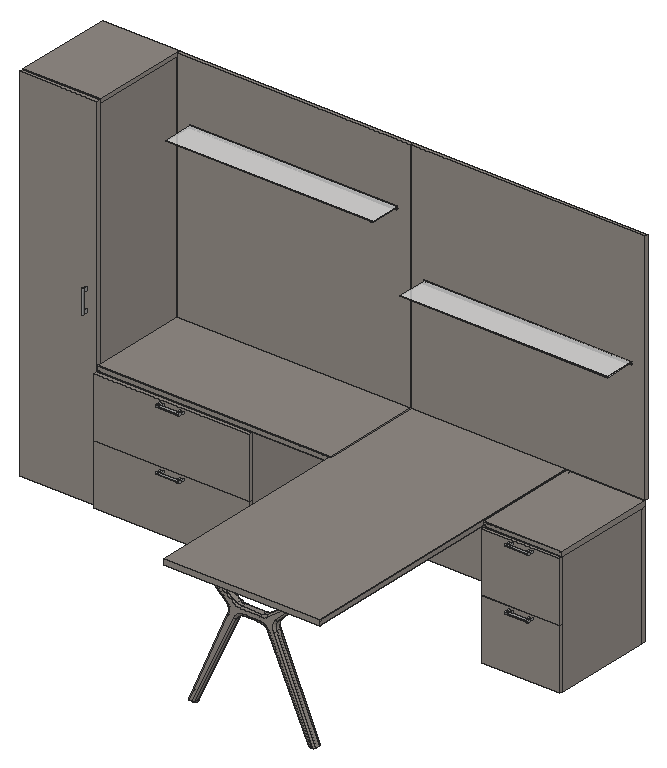
Revit family "JSI-Vision-Typical_Veneer-VSV140", category Furniture, Revit 2020 (continued)
Definition of nested family "JSI-Vision-Wall_Panel_Markerboard_Laminate-Glass_Shelf"
  Forms (in)
    Extrusion 6, solid, material <- "Hardware Finish"
      sketch origin (36, 0, 0) x (0, 1, 0) y (0, 0, -1)
        loop
          line (-0.105, -32.5) -> (-0.105, -33.125) -> (-0.2, -33.125) -> (-0.2, -33.48413) -> (-0.16803, -33.48413) -> (-0.16803, -33.54438) -> (-0.2, -33.54438) -> (-0.2, -33.60913) -> (-0.16803, -33.60913) -> (-0.16803, -33.66938) -> (-0.2, -33.66938) -> (-0.2, -33.73413) -> (-0.16803, -33.73413) -> (-0.16803, -33.79438) -> (-0.2, -33.79438) -> (-0.2, -33.85913) -> (-0.16803, -33.85913) -> (-0.16803, -33.91938) -> (-0.2, -33.91938) -> (-0.2, -33.98413) -> (-0.16803, -33.98413) -> (-0.16803, -34.04438) -> (-0.2, -34.04438) -> (-0.2, -34.10913) -> (-0.16803, -34.10913) -> (-0.16803, -34.16938) -> (-0.2, -34.16938) -> (-0.2, -34.23413) -> (-0.16803, -34.23413) -> (-0.16803, -34.29438) -> (-0.2, -34.29438) -> (-0.2, -34.375) -> (-0.125, -34.375) -> (-0.125, -33.375) -> (0, -33.375) -> (0, -32.5) -> (-0.105, -32.5)
      from -22 to -17
    Extrusion 7, solid, material <- "Shelf Finish", visible <- "SH"
      sketch origin (0, 0, -12.34375) x (0, 1, 0) y (0, 0, 1)
        loop
          line (-0.18812, 62.97564) -> (-0.18812, 63.21186) -> (-7.89875, 63.21186) -> (-7.9375, 63.17249) -> (-7.9375, 63.01439) -> (-7.89875, 62.97564) -> (-0.18812, 62.97564)
      from 3.03125 to 56.96875
    Extrusion 8, solid, material <- "Hardware Finish", visible <- "SH"
      sketch origin (0, 0, -12.34375) x (0, 1, 0) y (0, 0, 1)
        loop
          line (-0.2, 64.43373) -> (-0.2, 63.96149) -> (-0.73233, 63.42916) -> (-0.99939, 63.42916) -> (-0.99939, 63.27665) -> (-0.12906, 63.27665) -> (-0.12906, 62.91085) -> (-0.99939, 62.91085) -> (-0.99939, 62.75834) -> (-0.73233, 62.75834) -> (-0.2, 62.22601) -> (-0.2, 61.75377) -> (-0.10488, 61.75377) -> (-0.10488, 62.29944) -> (-0.56378, 62.75834) -> (-0.03647, 62.75834) -> (-0.03647, 63.42916) -> (-0.56378, 63.42916) -> (-0.10488, 63.88806) -> (-0.10488, 64.43373) -> (-0.2, 64.43373)
      from 3.0625 to 56.9375
  Lines and regions (in)
    symbolic lines
      curve 1: line (0, -0.2, 0) -> (60, -0.2, 0)
      curve 2: line (0, -0.95, 0) -> (0, -0.2, 0)
      curve 3: line (60, -0.95, 0) -> (0, -0.95, 0)
      curve 4: line (60, -0.2, 0) -> (60, -0.95, 0)
      curve 8: line (1, -0.2, 0) -> (1, 0, 0)
      curve 9: line (1, 0, 0) -> (59, 0, 0)
      curve 10: line (59, 0, 0) -> (59, -0.2, 0)
    symbolic lines, visible <- "Shelf Line"
      curve 5: line (3.03125, -0.95, 0) -> (3.03125, -7.9375, 0)
      curve 6: line (3.03125, -7.9375, 0) -> (56.96875, -7.9375, 0)
      curve 7: line (56.96875, -7.9375, 0) -> (56.96875, -0.95, 0)
  Dimensions and locks (in)
    "Height": plane 5 to plane 8
    "Width": plane 3 "Center Left/Right" to plane 6
    "Depth": plane 1 "Center Front/Back" to plane 7
    plane 8 to plane 4 = 29 1/2"
    locked: plane 3 "Center Left/Right" to Extrusion 3 at 3.0625
    locked: Extrusion 3 to plane 6 at 3.0625
    locked: plane 3 "Center Left/Right" to Extrusion 2 at 3.03125
    locked: plane 6 to Extrusion 2 at 3.03125
    plane 1 "Center Front/Back" to Extrusion 4 sketch curve to Extrusion 4 sketch curve to Extrusion 4 sketch curve = 0.075" locked, 0.02" locked, 0.105" locked  (x2)
    Extrusion 5 to Extrusion 5 to Extrusion 4 to plane 3 "Center Left/Right" = 5" locked, 1" locked, 1" locked
    plane 6 to Extrusion 4 to Extrusion 6 to Extrusion 6 = 1" locked, 1" locked, 5" locked
    Extrusion 4 sketch curve to Extrusion 4 sketch curve to Extrusion 4 sketch curve to Extrusion 4 sketch curve to Extrusion 4 sketch curve to Extrusion 4 sketch curve to Extrusion 4 sketch curve to Extrusion 4 sketch curve to Extrusion 4 sketch curve to Extrusion 4 sketch curve to Extrusion 4 sketch curve to Extrusion 4 sketch curve to Extrusion 4 sketch curve to Extrusion 4 sketch curve to Extrusion 4 sketch curve to Extrusion 4 sketch curve to Extrusion 4 sketch curve to Extrusion 4 sketch curve to plane 8 = 5/8" locked, 1/4" locked, 0.10913" locked, 0.06025" locked, 0.06475" locked, 0.06025" locked, 0.06475" locked, 0.06025" locked, 0.06475" locked, 0.06025" locked, 0.06475" locked, 0.06025" locked, 0.06475" locked, 0.06025" locked, 0.06475" locked, 0.06025" locked, 0.08062" locked, 1 3/4" locked
    plane 5 to Extrusion 4 sketch curve to Extrusion 4 sketch curve to Extrusion 4 sketch curve to Extrusion 4 sketch curve to Extrusion 4 sketch curve to Extrusion 4 sketch curve to Extrusion 4 sketch curve to Extrusion 4 sketch curve to Extrusion 4 sketch curve to Extrusion 4 sketch curve to Extrusion 4 sketch curve to Extrusion 4 sketch curve to Extrusion 4 sketch curve to Extrusion 4 sketch curve to Extrusion 4 sketch curve to Extrusion 4 sketch curve to Extrusion 4 sketch curve to Extrusion 4 sketch curve = 4 1/8" locked, 5/8" locked, 1/4" locked, 0.10913" locked, 0.06025" locked, 0.06475" locked, 0.06025" locked, 0.06475" locked, 0.06025" locked, 0.06475" locked, 0.06025" locked, 0.06475" locked, 0.06025" locked, 0.06475" locked, 0.06025" locked, 0.06475" locked, 0.06025" locked, 0.08062" locked
    Extrusion 5 sketch curve to Extrusion 5 sketch curve to Extrusion 5 sketch curve to Extrusion 5 sketch curve = 0.075" locked, 0.02" locked, 0.105" locked  (x2)
    Extrusion 5 sketch curve to Extrusion 5 sketch curve to Extrusion 5 sketch curve to Extrusion 5 sketch curve to Extrusion 5 sketch curve to Extrusion 5 sketch curve to Extrusion 5 sketch curve to Extrusion 5 sketch curve to Extrusion 5 sketch curve to Extrusion 5 sketch curve to Extrusion 5 sketch curve to Extrusion 5 sketch curve to Extrusion 5 sketch curve to Extrusion 5 sketch curve to Extrusion 5 sketch curve to Extrusion 5 sketch curve to Extrusion 5 sketch curve to Extrusion 5 sketch curve to plane 5 = 5/8" locked, 1/4" locked, 0.10913" locked, 0.06025" locked, 0.06475" locked, 0.06025" locked, 0.06475" locked, 0.06025" locked, 0.06475" locked, 0.06025" locked, 0.06475" locked, 0.06025" locked, 0.06475" locked, 0.06025" locked, 0.06475" locked, 0.06025" locked, 0.08062" locked, 2 7/8" locked
    plane 8 to Extrusion 5 sketch curve to Extrusion 5 sketch curve to Extrusion 5 sketch curve to Extrusion 5 sketch curve to Extrusion 5 sketch curve to Extrusion 5 sketch curve to Extrusion 5 sketch curve to Extrusion 5 sketch curve to Extrusion 5 sketch curve to Extrusion 5 sketch curve to Extrusion 5 sketch curve to Extrusion 5 sketch curve to Extrusion 5 sketch curve to Extrusion 5 sketch curve to Extrusion 5 sketch curve to Extrusion 5 sketch curve to Extrusion 5 sketch curve to Extrusion 5 sketch curve = 3" locked, 5/8" locked, 1/4" locked, 0.10913" locked, 0.06025" locked, 0.06475" locked, 0.06025" locked, 0.06475" locked, 0.06025" locked, 0.06475" locked, 0.06025" locked, 0.06475" locked, 0.06025" locked, 0.06475" locked, 0.06025" locked, 0.06475" locked, 0.06025" locked, 0.08062" locked
    Extrusion 6 sketch curve to Extrusion 6 sketch curve to Extrusion 6 sketch curve to Extrusion 6 sketch curve = 0.075" locked, 0.02" locked, 0.105" locked  (x2)
    Extrusion 6 sketch curve to Extrusion 6 sketch curve to Extrusion 6 sketch curve to Extrusion 6 sketch curve to Extrusion 6 sketch curve to Extrusion 6 sketch curve to Extrusion 6 sketch curve to Extrusion 6 sketch curve to Extrusion 6 sketch curve to Extrusion 6 sketch curve to Extrusion 6 sketch curve to Extrusion 6 sketch curve to Extrusion 6 sketch curve to Extrusion 6 sketch curve to Extrusion 6 sketch curve to Extrusion 6 sketch curve to Extrusion 6 sketch curve to Extrusion 6 sketch curve = 0.08062" locked, 0.06025" locked, 0.06475" locked, 0.06025" locked, 0.06475" locked, 0.06025" locked, 0.06475" locked, 0.06025" locked, 0.06475" locked, 0.06025" locked, 0.06475" locked, 0.06025" locked, 0.06475" locked, 0.06025" locked, 0.10913" locked, 1/4" locked, 5/8" locked  (x2)
    "Overall Height": plane 5 to plane 4
    Extrusion 3 sketch curve to Extrusion 3 sketch curve to Extrusion 3 sketch curve to Extrusion 3 sketch curve to Extrusion 3 sketch curve to plane 9 to Extrusion 3 sketch curve to Extrusion 3 sketch curve to Extrusion 3 sketch curve to Extrusion 3 sketch curve to Extrusion 3 sketch curve = 0.47224", 0.07343", 0.4589", 0.15251", 0.1829", 0.1829", 0.15251", 0.4589", 0.07343", 0.47224"
    Extrusion 2 sketch curve to Extrusion 2 sketch curve to plane 9 to Extrusion 2 sketch curve to Extrusion 2 sketch curve = 0.03937" locked, 0.07874" locked, 0.07936" locked, 0.03875" locked
    "Dist Center": plane 10 to plane 8
    plane 5 to plane 9 = 14 5/32"
    locked: plane 3 "Center Left/Right" to Extrusion 8 at 3.0625
    locked: plane 6 to Extrusion 8 at 3.0625
    aligned and locked: level to plane 2
    aligned and locked: plane 3 "Center Left/Right" to Extrusion 1 sketch curve
    aligned and locked: plane 6 to Extrusion 1 sketch curve
    aligned and locked: Extrusion 1 to plane 6
    aligned and locked: Extrusion 1 to plane 3 "Center Left/Right"
    aligned and locked: Extrusion 1 to plane 8
    aligned and locked: Extrusion 3 sketch curve to Extrusion 3 sketch curve  (x2)
    aligned and locked: Extrusion 4 sketch curve to Extrusion 4 sketch curve  (x14)
    aligned and locked: Extrusion 5 sketch curve to Extrusion 5 sketch curve  (x14)
    aligned and locked: Extrusion 6 sketch curve to Extrusion 6 sketch curve  (x14)
    aligned and locked: curve 1 to Extrusion 1
    aligned and locked: curve 2 to Extrusion 1
    aligned and locked: curve 3 to Extrusion 1
    aligned and locked: curve 4 to Extrusion 1
    aligned and locked: Extrusion 8 sketch curve to Extrusion 8 sketch curve  (x2)
    aligned and locked: Extrusion 7 to Extrusion 2
  Automatic sketch dimensions
    plane 1 "Center Front/Back" to curve 8 = 0"
    curve 6 to plane 7 = 0"
    plane 3 "Center Left/Right" to curve 8 = 1"
    plane 3 "Center Left/Right" to curve 6 = 3 1/32"
    plane 6 to curve 6 = 3 1/32"
    plane 6 to curve 10 = 1"
    Extrusion 1 sketch curve to plane 8 = 0"
    Extrusion 1 sketch curve to plane 5 = 0"
    Extrusion 2 sketch curve to plane 7 = 0"
    plane 7 to Extrusion 2 sketch curve = 0.03875"  (x2)
    plane 1 "Center Front/Back" to Extrusion 2 sketch curve = 0.18812"
    plane 1 "Center Front/Back" to Extrusion 3 sketch curve = 0.99939"
    Extrusion 3 sketch curve to Extrusion 3 sketch curve = 0"
    Extrusion 3 sketch curve to Extrusion 3 sketch curve = 0.26706"  (x2)
    Extrusion 3 sketch curve to Extrusion 3 sketch curve = 0.16855"  (x2)
    plane 1 "Center Front/Back" to Extrusion 3 sketch curve = 0.2"  (x2)
    plane 1 "Center Front/Back" to Extrusion 3 sketch curve = 0.12906"
    Extrusion 3 sketch curve to Extrusion 3 sketch curve = 0.09512"  (x2)
    plane 1 "Center Front/Back" to Extrusion 3 sketch curve = 0.03647"
    Extrusion 4 sketch curve to plane 1 "Center Front/Back" = 0"  (x2)
    plane 1 "Center Front/Back" to Extrusion 4 sketch curve = 0.03197"  (x14)
    Extrusion 5 sketch curve to plane 1 "Center Front/Back" = 0"  (x2)
    Extrusion 5 sketch curve to Extrusion 5 sketch curve = 0.03197"  (x14)
    Extrusion 6 sketch curve to plane 1 "Center Front/Back" = 0"  (x2)
    Extrusion 6 sketch curve to Extrusion 6 sketch curve = 0.03197"  (x14)
    Extrusion 6 sketch curve to plane 5 = 2 7/8"
    plane 8 to Extrusion 6 sketch curve = 4 7/8"
    Extrusion 7 sketch curve to plane 7 = 0"
    plane 7 to Extrusion 7 sketch curve = 0.03875"  (x2)
    plane 1 "Center Front/Back" to Extrusion 7 sketch curve = 0.18812"
    Extrusion 7 sketch curve to plane 10 = 0.11811"
    Extrusion 7 sketch curve to Extrusion 7 sketch curve = 0.03875"
    plane 10 to Extrusion 7 sketch curve = 0.07874"
    plane 10 to Extrusion 7 sketch curve = 0.11811"
    plane 10 to Extrusion 8 sketch curve = 0.1829"
    plane 1 "Center Front/Back" to Extrusion 8 sketch curve = 0.99939"
    Extrusion 8 sketch curve to plane 10 = 0.1829"
    Extrusion 8 sketch curve to Extrusion 8 sketch curve = 0"
    Extrusion 8 sketch curve to Extrusion 8 sketch curve = 0.26706"  (x2)
    Extrusion 8 sketch curve to Extrusion 8 sketch curve = 0.16855"  (x2)
    plane 1 "Center Front/Back" to Extrusion 8 sketch curve = 0.2"  (x2)
    plane 1 "Center Front/Back" to Extrusion 8 sketch curve = 0.12906"
    Extrusion 8 sketch curve to Extrusion 8 sketch curve = 0.09512"  (x2)
    plane 1 "Center Front/Back" to Extrusion 8 sketch curve = 0.03647"
    Extrusion 8 sketch curve to Extrusion 8 sketch curve = 0.15251"  (x2)
    Extrusion 8 sketch curve to Extrusion 8 sketch curve = 0.4589"  (x2)
    Extrusion 8 sketch curve to Extrusion 8 sketch curve = 0.07343"  (x2)
    Extrusion 8 sketch curve to Extrusion 8 sketch curve = 0.47224"  (x2)
Definition of nested family "JSI-Vision-Wood_Truss_Base"
  Parameters (values of type "VSV3028PXB - Wood Truss Base 29 1/2"W x 1 3/4"D x 28 5/16"H")
    Width = 29 1/2"
    URL = "www.jsifurniture.com"
    Type Comments = ""
    Support Finish = none
    Series = "Vision Casegoods"  # constant formula
    Model = "VSV3028PXB"
    Material = ""
    Manufacturer = "JSI"  # constant formula
    Keynote = "12500"  # constant formula
    JSI Enviromental Website = "http://www.jsifurniture.com/jsi_sustainability_intro.php"
    Height = 28 5/16"
    Glide Finish = none
    Description = "Wood Truss Base Veneer - 29 1/2\"W x 1 3/4\"D x 28 5/16\"H"
    Depth = 1 3/4"
    Default Elevation = 0"
    Base Finish = none
    Assembly Code = "E2020200"
  Types (2): name | Model | Description
    VSV3028PXB - Wood Truss Base 29 1/2"W x 1 3/4"D x 28 5/16"H | "VSV3028PXB" | "Wood Truss Base Veneer - 29 1/2\"W x 1 3/4\"D x 28 5/16\"H"
    VST3028PXB - Wood Truss Base 29 1/2"W x 1 3/4"D x 28 5/16"H | "VST3028PXB" | "Wood Truss Base Laminate - 29 1/2\"W x 1 3/4\"D x 28 5/16\"H"
  Reference planes (in)
    plane 1 "Center Front/Back": y = 0
    plane 2: z = 0
    plane 3 "Center Left/Right": x = 0
    plane 4: z = 28.3125
    plane 5: y = 14.75
    plane 6: y = -14.75
    plane 7: x = 0.875
    plane 8: x = -0.875
    plane 9: x = -4.125
    plane 10: x = 1.875
    plane 11: z = 28.15375
    plane 12: z = 0.379
    plane 13: y = 13.64496
    plane 14: y = -13.64497
  Forms (in)
    Extrusion 1, solid, material <- "Support Finish"
      sketch origin (0, 0, 0) x (1, 0, 0) y (0, 1, 0)
        loop
          line (1.625, 11.49999) -> (-3.875, 11.49999)
          arc (-3.875, 11.49999) -> (-4.05178, 11.42677) -> (-4.125, 11.24999) r 0.25
          line (-4.125, 11.24999) -> (-4.125, 5.74999)
          arc (-4.125, 5.74999) -> (-4.05178, 5.57321) -> (-3.875, 5.49999) r 0.25
          line (-3.875, 5.49999) -> (1.625, 5.49999)
          arc (1.625, 5.49999) -> (1.80178, 5.57321) -> (1.875, 5.74999) r 0.25
          line (1.875, 5.74999) -> (1.875, 11.24999)
          arc (1.875, 11.24999) -> (1.80178, 11.42677) -> (1.625, 11.49999) r 0.25
        loop
          line (1.625, -5.50001) -> (-3.875, -5.50001)
          arc (-3.875, -5.50001) -> (-4.05178, -5.57323) -> (-4.125, -5.75001) r 0.25
          line (-4.125, -5.75001) -> (-4.125, -11.25001)
          arc (-4.125, -11.25001) -> (-4.05178, -11.42679) -> (-3.875, -11.50001) r 0.25
          line (-3.875, -11.50001) -> (1.625, -11.50001)
          arc (1.625, -11.50001) -> (1.80178, -11.42679) -> (1.875, -11.25001) r 0.25
          line (1.875, -11.25001) -> (1.875, -5.75001)
          arc (1.875, -5.75001) -> (1.80178, -5.57323) -> (1.625, -5.50001) r 0.25
      from 28.15375 to 28.3125
    Sweep 2, solid, material <- "Base Finish"
      path origin (0, 0, 0) x (0, 1, 0) y (0, 0, 1)
        loop
          line (10.74999, 28.15375) -> (5.99074, 23.5578)
          arc (5.99074, 23.5578) -> (5.41849, 22.5093) -> (5.54594, 21.32162) r 2
          line (5.54594, 21.32162) -> (14.65205, 0.379)
      profile origin (0, 8.37037, 25.85577) x (0, 0.694658, -0.71934) y (1, 0, 0)
        loop
          line (0, -0.5) -> (0, 0.5)
          arc (0, 0.5) -> (-0.10983, 0.76517) -> (-0.375, 0.875) r 0.375
          line (-0.375, 0.875) -> (-0.5, 0.875) -> (-0.5, -0.875) -> (-0.375, -0.875)
          arc (-0.375, -0.875) -> (-0.10983, -0.76517) -> (0, -0.5) r 0.375
    Sweep 3, solid, material <- "Base Finish"
      path origin (0, 0, 0) x (0, 1, 0) y (0, 0, 1)
        loop
          line (13.32169, 0) -> (3.64627, 20.74899)
          arc (3.64627, 20.74899) -> (2.90826, 21.59053) -> (1.83366, 21.90375) r 2
          line (1.83366, 21.90375) -> (-1.83368, 21.90375)
          arc (-1.83368, 21.90375) -> (-2.90828, 21.59053) -> (-3.64629, 20.74899) r 2
          line (-3.64629, 20.74899) -> (-13.3217, 0)
      profile origin (0, -0.00001, 21.90375) x (0, 0, -1) y (1, 0, 0)
        loop
          arc (0, 0.5) -> (-0.10983, 0.76517) -> (-0.375, 0.875) r 0.375
          line (-0.375, 0.875) -> (-0.5, 0.875) -> (-0.5, -0.87401) -> (-0.375, -0.87401)
          arc (-0.375, -0.87401) -> (-0.10983, -0.76418) -> (0, -0.49901) r 0.375
          line (0, -0.49901) -> (0, 0.5)
    Sweep 4, solid, material <- "Base Finish"
      path origin (0, 0, 0) x (0, 1, 0) y (0, 0, 1)
        loop
          line (8.49999, 28.15375) -> (8.49999, 27.99099)
          arc (8.49999, 27.99099) -> (8.41825, 27.65049) -> (8.19083, 27.38422) r 0.75
          line (8.19083, 27.38422) -> (3.582, 24.03572)
          arc (3.582, 24.03572) -> (3.02447, 23.75164) -> (2.40643, 23.65375) r 2
          line (2.40643, 23.65375) -> (-2.40645, 23.65375)
          arc (-2.40645, 23.65375) -> (-3.02448, 23.75164) -> (-3.58202, 24.03572) r 2
          line (-3.58202, 24.03572) -> (-8.19085, 27.38422)
          arc (-8.19085, 27.38422) -> (-8.41826, 27.65049) -> (-8.50001, 27.99099) r 0.75
          line (-8.50001, 27.99099) -> (-8.50001, 28.15375)
      profile origin (0, -0.00001, 23.65375) x (0, 0, -1) y (1, 0, 0)
        loop
          line (0, 0.5) -> (0, -0.5)
          arc (0, -0.5) -> (0.10983, -0.76517) -> (0.375, -0.875) r 0.375
          line (0.375, -0.875) -> (0.5, -0.875) -> (0.5, 0.875) -> (0.375, 0.875)
          arc (0.375, 0.875) -> (0.10983, 0.76517) -> (0, 0.5) r 0.375
    Extrusion 5, void
      sketch origin (0, 0, 0) x (0, 1, 0) y (0, 0, 1)
        loop
          line (11.75, 28.65375) -> (-11.75, 28.65375) -> (-11.75, 28.15375) -> (11.75, 28.15375) -> (11.75, 28.65375)
        loop
          line (14.75, 0) -> (14.75, 0.379) -> (-14.75, 0.379) -> (-14.75, 0) -> (14.75, 0)
      from -14.53185 to 21.875
    Sweep 6, solid, material <- "Base Finish"
      path origin (0, 0, 0) x (0, -1, 0) y (0, 0, -1)
        loop
          line (10.74999, -28.15375) -> (5.99074, -23.5578)
          arc (5.99074, -23.5578) -> (5.41849, -22.5093) -> (5.54594, -21.32162) r 2
          line (5.54594, -21.32162) -> (14.65205, -0.379)
      profile origin (0, -8.37037, 25.85577) x (0, 0.694658, 0.71934) y (1, 0, 0)
        loop
          arc (0, -0.5) -> (0.10983, -0.76517) -> (0.375, -0.875) r 0.375
          line (0.375, -0.875) -> (0.5, -0.875) -> (0.5, 0.875) -> (0.375, 0.875)
          arc (0.375, 0.875) -> (0.10983, 0.76517) -> (0, 0.5) r 0.375
          line (0, 0.5) -> (0, -0.5)
    Extrusion 7, solid, material <- "Base Finish"
      sketch origin (0, 0, 0) x (0, 1, 0) y (0, 0, 1)
        loop
          line (10.03021, 28.15375) -> (8.99999, 28.15375) -> (8.99999, 27.99099)
          arc (8.99999, 27.99099) -> (8.86375, 27.4235) -> (8.48472, 26.97972) r 1.25
          line (8.48472, 26.97972) -> (3.8759, 23.63121)
          arc (3.8759, 23.63121) -> (3.17898, 23.27611) -> (2.40643, 23.15375) r 2.5
          line (2.40643, 23.15375) -> (-2.40645, 23.15375)
          arc (-2.40645, 23.15375) -> (-3.17899, 23.27611) -> (-3.87591, 23.63121) r 2.5
          line (-3.87591, 23.63121) -> (-8.48474, 26.97972)
          arc (-8.48474, 26.97972) -> (-8.86377, 27.4235) -> (-9.00001, 27.99099) r 1.25
          line (-9.00001, 27.99099) -> (-9.00001, 28.15375) -> (-10.03021, 28.15375) -> (-5.64341, 23.91747)
          arc (-5.64341, 23.91747) -> (-4.9281, 22.60684) -> (-5.08741, 21.12225) r 2.5
          line (-5.08741, 21.12225) -> (-14.10683, 0.379) -> (-13.69666, 0.379) -> (-4.09945, 20.9603)
          arc (-4.09945, 20.9603) -> (-3.17693, 22.01223) -> (-1.83368, 22.40375) r 2.5
          line (-1.83368, 22.40375) -> (1.83366, 22.40375)
          arc (1.83366, 22.40375) -> (3.17691, 22.01223) -> (4.09943, 20.9603) r 2.5
          line (4.09943, 20.9603) -> (13.69664, 0.379) -> (14.10683, 0.379) -> (5.08741, 21.12225)
          arc (5.08741, 21.12225) -> (4.9281, 22.60684) -> (5.64341, 23.91747) r 2.5
          line (5.64341, 23.91747) -> (10.03021, 28.15375)
      from -0.875 to 0.875
    Revolve 8, solid, material <- "Glide Finish"
      sketch origin (0, 0, 0) x (0, 1, 0) y (0, 0, 1)
        loop
          line (13.64496, 0.379) -> (13.64496, 0) -> (14.14496, 0)
          arc (14.14496, 0) -> (14.25124, 0.10628) -> (14.14496, 0.21256) r 0.10628
          line (14.14496, 0.21256) -> (14.03641, 0.21256)
          arc (14.03641, 0.21256) -> (14.11962, 0.29578) -> (14.03641, 0.379) r 0.08322
          line (14.03641, 0.379) -> (13.64496, 0.379)
        axis (13.64496, 0.379) -> (13.64496, 0)
      angle from 0 to 360
    Revolve 9, solid, material <- "Glide Finish"
      sketch origin (0, 0, 0) x (0, 1, 0) y (0, 0, 1)
        loop
          line (-13.64497, 0.379) -> (-13.64497, 0) -> (-13.14497, 0)
          arc (-13.14497, 0) -> (-13.03869, 0.10628) -> (-13.14497, 0.21256) r 0.10628
          line (-13.14497, 0.21256) -> (-13.25352, 0.21256)
          arc (-13.25352, 0.21256) -> (-13.1703, 0.29578) -> (-13.25352, 0.379) r 0.08322
          line (-13.25352, 0.379) -> (-13.64497, 0.379)
        axis (-13.64497, 0.379) -> (-13.64497, 0)
      angle from 0 to 360
  Cuts and joins
    Extrusion 5 cuts Sweep 2
    Extrusion 5 cuts Sweep 3
    Extrusion 5 cuts Sweep 6
    joined: Sweep 2, Sweep 3, Sweep 4, Sweep 6, Extrusion 7
  Lines and regions (in)
    symbolic lines
      curve 1: line (1.625, 11.49999, 0) -> (-3.875, 11.49999, 0)
      curve 2: arc (-3.875, 11.49999, 0) -> (-4.05178, 11.42677, 0) -> (-4.125, 11.24999, 0) r 0.25
      curve 3: line (-4.125, 11.24999, 0) -> (-4.125, 5.74999, 0)
      curve 4: arc (-4.125, 5.74999, 0) -> (-4.05178, 5.57321, 0) -> (-3.875, 5.49999, 0) r 0.25
      curve 5: line (-3.875, 5.49999, 0) -> (1.625, 5.49999, 0)
      curve 6: arc (1.625, 5.49999, 0) -> (1.80178, 5.57321, 0) -> (1.875, 5.74999, 0) r 0.25
      curve 7: line (1.875, 5.74999, 0) -> (1.875, 11.24999, 0)
      curve 8: arc (1.875, 11.24999, 0) -> (1.80178, 11.42677, 0) -> (1.625, 11.49999, 0) r 0.25
      curve 9: line (1.625, -5.50001, 0) -> (-3.875, -5.50001, 0)
      curve 10: arc (-3.875, -5.50001, 0) -> (-4.05178, -5.57323, 0) -> (-4.125, -5.75001, 0) r 0.25
      curve 11: line (-4.125, -5.75001, 0) -> (-4.125, -11.25001, 0)
      curve 12: arc (-4.125, -11.25001, 0) -> (-4.05178, -11.42679, 0) -> (-3.875, -11.50001, 0) r 0.25
      curve 13: line (-3.875, -11.50001, 0) -> (1.625, -11.50001, 0)
      curve 14: arc (1.625, -11.50001, 0) -> (1.80178, -11.42679, 0) -> (1.875, -11.25001, 0) r 0.25
      curve 15: line (1.875, -11.25001, 0) -> (1.875, -5.75001, 0)
      curve 16: arc (1.875, -5.75001, 0) -> (1.80178, -5.57323, 0) -> (1.625, -5.50001, 0) r 0.25
      curve 17: line (0.52301, 14.65205, 0) -> (-0.52301, 14.65205, 0)
      curve 18: arc (-0.87318, 14.24322, 0) -> (-0.77902, 14.51695, 0) -> (-0.52301, 14.65205, 0) r 0.39323
      curve 19: arc (0.52301, 14.65205, 0) -> (0.77902, 14.51695, 0) -> (0.87318, 14.24322, 0) r 0.39323
      curve 20: line (0.87318, 14.24322, 0) -> (0.87318, 11.49999, 0)
      curve 21: line (-0.87318, 14.24322, 0) -> (-0.87318, 11.49999, 0)
      curve 22: line (-0.875, -11.50001, 0) -> (-0.875, -14.24313, 0)
      curve 23: arc (-0.52301, -14.65205, 0) -> (-0.77902, -14.51695, 0) -> (-0.87318, -14.24322, 0) r 0.39323
      curve 24: arc (0.87318, -14.24313, 0) -> (0.77904, -14.51691, 0) -> (0.52301, -14.65205, 0) r 0.39323
      curve 25: line (0.52301, -14.65205, 0) -> (-0.52301, -14.65205, 0)
      curve 26: line (-0.875, -5.50001, 0) -> (-0.875, 5.49999, 0)
      curve 27: line (0.875, 5.49999, 0) -> (0.875, -5.50001, 0)
  Dimensions and locks (in)
    "Height": plane 2 to plane 4
    equal spacing: plane 5, plane 1 "Center Front/Back", plane 6
    "Width": plane 5 to plane 6
    equal spacing: plane 8, plane 3 "Center Left/Right", plane 7
    "Depth": plane 8 to plane 7
    locked: plane 9 to plane 10 at 6
    Extrusion 1 sketch curve to Extrusion 1 sketch curve to plane 1 "Center Front/Back" to Extrusion 1 sketch curve to Extrusion 1 sketch curve = 6" locked, 5 1/2" locked, 5 1/2" locked, 6" locked
    locked: plane 11 to plane 4 at 0.15875
    locked: plane 2 to plane 12 at 0.379
    equal spacing: Extrusion 5 sketch curve, plane 1 "Center Front/Back", Extrusion 5 sketch curve, locked at 11.75 each
    locked: plane 11 to Extrusion 5 sketch curve at 0.5
    locked: profile plane to Sweep 4 sketch curve at 0.5
    locked: plane 14 to plane 6 at 1.10503
    locked: plane 5 to plane 13 at 1.10504
    aligned and locked: level to plane 2
    aligned and locked: plane 9 to Extrusion 1 sketch curve  (x2)
    aligned and locked: Extrusion 1 sketch curve to plane 10  (x2)
    aligned and locked: Extrusion 1 to plane 4
    aligned and locked: plane 11 to Extrusion 1
    aligned and locked: plane 11 to Sweep 4 sketch curve  (x2)
    aligned and locked: plane 2 to Sweep 3 sketch curve  (x2)
    aligned and locked: Extrusion 5 sketch curve to plane 12
    aligned and locked: Extrusion 5 sketch curve to plane 2
    aligned and locked: plane 5 to Extrusion 5 sketch curve
    aligned and locked: Extrusion 5 sketch curve to plane 6
    aligned and locked: Extrusion 5 sketch curve to plane 11
    aligned and locked: plane 8 to Sweep 4 sketch curve
    aligned and locked: Sweep 4 sketch curve to plane 7
    aligned and locked: Sweep 2 sketch curve to plane 8
    aligned and locked: Extrusion 7 sketch curve to cut or joined group of Sweep 2, Sweep 3, Sweep 4, Extrusion 5, Sweep 6, Extrusion 7  (x3)
    aligned and locked: Extrusion 7 sketch curve to Sweep 4  (x5)
    aligned and locked: cut or joined group of Sweep 2, Sweep 3, Sweep 4, Extrusion 5, Sweep 6, Extrusion 7 to Extrusion 7 sketch curve
    aligned and locked: Sweep 4 to Extrusion 7 sketch curve
    aligned and locked: Extrusion 7 to plane 8
    aligned and locked: Extrusion 7 to plane 7
    aligned and locked: plane 13 to Revolve 8 sketch curve
    aligned and locked: Revolve 8 sketch curve to plane 13
    aligned and locked: plane 12 to Revolve 8 sketch curve
    aligned and locked: plane 2 to Revolve 8 sketch curve
    aligned and locked: plane 14 to Revolve 9 sketch curve
    aligned and locked: curve 2 to Extrusion 1
    aligned and locked: curve 4 to Extrusion 1
    aligned and locked: curve 6 to Extrusion 1
    aligned and locked: curve 8 to Extrusion 1
    aligned and locked: curve 10 to Extrusion 1
    aligned and locked: curve 12 to Extrusion 1
    aligned and locked: curve 14 to Extrusion 1
    aligned and locked: curve 16 to Extrusion 1
    aligned and locked: curve 17 to cut or joined group of Sweep 2, Sweep 3, Sweep 4, Extrusion 5, Sweep 6, Extrusion 7
    aligned and locked: curve 18 to cut or joined group of Sweep 2, Sweep 3, Sweep 4, Extrusion 5, Sweep 6, Extrusion 7
    aligned and locked: curve 19 to cut or joined group of Sweep 2, Sweep 3, Sweep 4, Extrusion 5, Sweep 6, Extrusion 7
    aligned and locked: curve 20 to cut or joined group of Sweep 2, Sweep 3, Sweep 4, Extrusion 5, Sweep 6, Extrusion 7
    aligned and locked: curve 21 to cut or joined group of Sweep 2, Sweep 3, Sweep 4, Extrusion 5, Sweep 6, Extrusion 7
    aligned and locked: curve 23 to cut or joined group of Sweep 2, Sweep 3, Sweep 4, Extrusion 5, Sweep 6, Extrusion 7
    aligned and locked: curve 24 to cut or joined group of Sweep 2, Sweep 3, Sweep 4, Extrusion 5, Sweep 6, Extrusion 7
    aligned and locked: curve 25 to cut or joined group of Sweep 2, Sweep 3, Sweep 4, Extrusion 5, Sweep 6, Extrusion 7
    aligned and locked: plane 8 to curve 26
    aligned and locked: plane 7 to curve 27
  Automatic sketch dimensions
    Extrusion 1 sketch curve to plane 9 = 1/4"
    Extrusion 1 sketch curve to Extrusion 1 sketch curve = 1/4"  (x4)
    plane 10 to Extrusion 1 sketch curve = 1/4"  (x3)
    plane 11 to Sweep 2 sketch curve = 0"
    plane 12 to Sweep 2 sketch curve = 0"
    Sweep 2 sketch curve to plane 1 "Center Front/Back" = 5.54594"
    plane 11 to Sweep 2 sketch curve = 4.59595"
    Sweep 2 sketch curve to Sweep 2 sketch curve = 0.4448"
    Sweep 2 sketch curve to Sweep 2 sketch curve = 1.83412"
    Sweep 2 sketch curve to Sweep 2 sketch curve = 2.23618"
    Sweep 2 sketch curve to plane 5 = 4"
    Sweep 2 sketch curve to plane 5 = 0.09795"
    Sweep 2 sketch curve to profile plane = 0"
    profile plane to Sweep 2 sketch curve = 3/8"  (x2)
    Sweep 2 sketch curve to Sweep 2 sketch curve = 1/8"
    profile plane to Sweep 2 sketch curve = 1/2"
    plane 1 "Center Front/Back" to Sweep 3 sketch curve = 3.64629"
    plane 1 "Center Front/Back" to Sweep 3 sketch curve = 1.83368"
    Sweep 3 sketch curve to plane 1 "Center Front/Back" = 1.83366"
    Sweep 3 sketch curve to Sweep 3 sketch curve = 1.81262"
    plane 11 to Sweep 3 sketch curve = 8 1/4"
    Sweep 3 sketch curve to Sweep 3 sketch curve = 0"
    Sweep 3 sketch curve to Sweep 3 sketch curve = 0.84524"
    plane 6 to Sweep 3 sketch curve = 1.4283"
    Sweep 3 sketch curve to plane 5 = 1.42831"
    Sweep 3 sketch curve to profile plane = 0"
    profile plane to Sweep 3 sketch curve = 3/8"  (x2)
    Sweep 3 sketch curve to Sweep 3 sketch curve = 1/8"
    Sweep 3 sketch curve to profile plane = 0.87401"
    profile plane to Sweep 3 sketch curve = 1/2"
    plane 11 to Sweep 4 sketch curve = 0.16276"  (x2)
    plane 6 to Sweep 4 sketch curve = 6 1/4"
    plane 11 to Sweep 4 sketch curve = 197/256"  (x2)
    Sweep 4 sketch curve to Sweep 4 sketch curve = 0.30916"
    plane 1 "Center Front/Back" to Sweep 4 sketch curve = 3 149/256"
    Sweep 4 sketch curve to Sweep 4 sketch curve = 1.17557"  (x2)
    Sweep 4 sketch curve to plane 1 "Center Front/Back" = 2.40643"
    Sweep 4 sketch curve to Sweep 4 sketch curve = 4 43/256"
    Sweep 4 sketch curve to Sweep 4 sketch curve = 0.44084"
    Sweep 4 sketch curve to Sweep 4 sketch curve = 0.38197"  (x2)
    Sweep 4 sketch curve to profile plane = 0"
    Sweep 4 sketch curve to Sweep 4 sketch curve = 1/8"
    Sweep 4 sketch curve to Sweep 4 sketch curve = 3/8"
    plane 6 to Extrusion 5 sketch curve = 3"
    plane 11 to Sweep 6 sketch curve = 0"
    plane 12 to Sweep 6 sketch curve = 0"
    plane 1 "Center Front/Back" to Sweep 6 sketch curve = 5.54594"
    plane 11 to Sweep 6 sketch curve = 4.59595"
    Sweep 6 sketch curve to Sweep 6 sketch curve = 0.4448"
    Sweep 6 sketch curve to Sweep 6 sketch curve = 1.83412"
    Sweep 6 sketch curve to Sweep 6 sketch curve = 1.43868"
    plane 6 to Sweep 6 sketch curve = 4"
    plane 6 to Sweep 6 sketch curve = 0.09795"
    Sweep 6 sketch curve to profile plane = 0"
    Sweep 6 sketch curve to Sweep 6 sketch curve = 3/8"
    Sweep 6 sketch curve to profile plane = 3/8"
    Sweep 6 sketch curve to Sweep 6 sketch curve = 1/8"
    Sweep 6 sketch curve to profile plane = 7/8"
    profile plane to Sweep 6 sketch curve = 1/2"
    Extrusion 7 sketch curve to Extrusion 7 sketch curve = 105/256"
    plane 11 to Extrusion 7 sketch curve = 1.17403"  (x2)
    plane 11 to Extrusion 7 sketch curve = 4.23628"  (x2)
    Extrusion 7 sketch curve to Extrusion 7 sketch curve = 2.29265"
    Extrusion 7 sketch curve to Extrusion 7 sketch curve = 0.98796"
    Extrusion 7 sketch curve to Extrusion 7 sketch curve = 1.46946"  (x2)
    Extrusion 7 sketch curve to Extrusion 7 sketch curve = 2.26577"
    Extrusion 7 sketch curve to Extrusion 7 sketch curve = 0.98798"
    Extrusion 7 sketch curve to Extrusion 7 sketch curve = 0.41018"
    Extrusion 7 sketch curve to Extrusion 7 sketch curve = 1.0302"
    plane 12 to Extrusion 7 sketch curve = 0"
    plane 1 "Center Front/Back" to Extrusion 7 sketch curve = 1.83368"
    Extrusion 7 sketch curve to plane 1 "Center Front/Back" = 1.83366"
    Extrusion 7 sketch curve to plane 5 = 1.05336"
    Extrusion 7 sketch curve to Extrusion 7 sketch curve = 3 1/4"  (x2)
    Extrusion 7 sketch curve to Extrusion 7 sketch curve = 0.16195"
    plane 6 to Extrusion 7 sketch curve = 1.05334"
    Extrusion 7 sketch curve to Extrusion 7 sketch curve = 3.50415"
    Extrusion 7 sketch curve to Extrusion 7 sketch curve = 1.7675"
    Extrusion 7 sketch curve to Extrusion 7 sketch curve = 1.05655"
    Revolve 8 sketch curve to Revolve 8 sketch curve = 0.39145"
    Revolve 8 sketch curve to Revolve 8 sketch curve = 0.10855"
    Revolve 8 sketch curve to Revolve 8 sketch curve = 0.10628"
    Revolve 8 sketch curve to level = 0.18322"
    Revolve 8 sketch curve to plane 12 = 0.06296"
    plane 12 to Revolve 9 sketch curve = 0"
    Revolve 9 sketch curve to plane 14 = 0"
    Revolve 9 sketch curve to level = 0"
    Revolve 9 sketch curve to Revolve 9 sketch curve = 0.39145"
    Revolve 9 sketch curve to Revolve 9 sketch curve = 0.10855"
    Revolve 9 sketch curve to Revolve 9 sketch curve = 0.10628"
    Revolve 9 sketch curve to level = 0.15557"
    Revolve 9 sketch curve to Revolve 9 sketch curve = 0.0413"
    plane 11 to Sweep 4 sketch curve = 2 1/2"
    curve 22 to plane 8 = 0"
    plane 8 to curve 23 = 0.00182"
    plane 7 to curve 24 = 0.00182"
    curve 23 to curve 22 = 0.00008"
Definition of nested family "JSI-Vision-Modular_File_File_Pedestal"
  Parameters (values of type "Modular FF Ped - Type Catalog Family")
    URL = "www.jsifurniture.com"
    Tag = "FF"
    Series = "Vision Casegoods"  # constant formula
    Pull Finish = none
    Ped Width = 18"
    Ped Height = 28"
    Model = "Type Catalog"
    Manufacturer = "JSI"  # constant formula
    Keynote = "12500"  # constant formula
    JSI Enviromental website = "http://www.jsifurniture.com/jsi_sustainability_intro.php"
    Description = "Type Catalog"
    Default Elevation = 0"
    Chassis = none
    Ped Depth = 20"
    Grommet Finish = none
    Drawer Front = none
    Assembly Code = "E2020200"
  Reference planes (in)
    plane 1 "Center Front/Back": y = 0
    plane 2: z = 0
    plane 3 "Center Left/Right": x = 0
    plane 4: x = 0.125
    plane 5: x = 18.125
    plane 6: x = 18.25
    plane 7: y = -18.9795
    plane 8: y = -0.1875
    plane 9: y = -19.1095
    plane 10: x = 0.18716
    plane 11: x = 18.06243
    plane 12: y = -19.8595
    plane 13: z = 0.14065
    plane 14: z = 13.95315
    plane 15: z = 14.07815
    plane 16: z = 27.89093
    plane 17: z = 28
    plane 18: x = 0.875
    plane 19: x = 17.376
    plane 20: y = -0.9375
    plane 21: y = -18.23863
    plane 22: z = 13.20333
    plane 23: z = 27.14093
    plane 24: x = 9.125
    plane 25: y = -20
    plane 26: y = -9.80266
    plane 27: y = -14.80266
    plane 28: z = 27.1875
  Forms (in)
    Extrusion 1, solid, material <- "Chassis"
      sketch origin (0.125, -0.1875, 48) x (0, 1, 0) y (0, 0, 1)
        loop
          line (0, -20) -> (-18.792, -20) -> (-18.792, -48) -> (0, -48) -> (0, -20)
      from 0 to 0.75
    Extrusion 2, solid, material <- "Chassis"
      sketch origin (18.125, -0.1875, 48) x (0, 1, 0) y (0, 0, 1)
        loop
          line (0, -20) -> (-18.792, -20) -> (-18.792, -48) -> (0, -48) -> (0, -20)
      from -0.749 to 0
    Extrusion 3, solid, material <- "Drawer Front"
      sketch origin (0, 0, 0) x (1, 0, 0) y (0, 0, 1)
        loop
          line (0.18716, 27.89093) -> (0.18716, 14.07815) -> (18.06243, 14.07815) -> (18.06243, 27.89093) -> (0.18716, 27.89093)
        loop
          line (0.18716, 13.95315) -> (0.18716, 0.14065) -> (18.06243, 0.14065) -> (18.06243, 13.95315) -> (0.18716, 13.95315)
      from 19.1095 to 19.8595
    Extrusion 4, solid, material <- "Chassis"
      sketch origin (0, 0, 0) x (1, 0, 0) y (0, 1, 0)
        loop
          line (0.875, -18.23863) -> (0.875, -18.9795) -> (17.376, -18.9795) -> (17.376, -18.23863) -> (0.875, -18.23863)
      from 0 to 1.9375
    Extrusion 5, solid, material <- "Chassis"
      sketch origin (0, 0, 0) x (0, 1, 0) y (0, 0, 1)
        loop
          line (-9.80266, 27.1875) -> (-9.80266, 27.89093) -> (-14.80266, 27.89093) -> (-14.80266, 27.1875) -> (-9.80266, 27.1875)
      from 0.875 to 17.376
    Extrusion 6, solid, material <- "Chassis"
      sketch origin (0, 0, 0) x (0, 1, 0) y (0, 0, 1)
        loop
          line (-0.9375, 23) -> (-0.1875, 23) -> (-0.1875, 28) -> (-0.9375, 28) -> (-0.9375, 23)
        loop
          line (-0.1875, 5) -> (-0.9375, 5) -> (-0.9375, 0) -> (-0.1875, 0) -> (-0.1875, 5)
      from 0.875 to 17.376
  Lines and regions (in)
    symbolic lines
      curve 1: line (0.125, -18.9795, 0) -> (0.125, -0.1875, 0)
      curve 2: line (18.125, -0.1875, 0) -> (18.125, -18.9795, 0)
      curve 3: line (0.18716, -19.1095, 0) -> (18.06243, -19.1095, 0)
      curve 4: line (0.18716, -19.8595, 0) -> (0.18716, -19.1095, 0)
      curve 5: line (18.06243, -19.8595, 0) -> (0.18716, -19.8595, 0)
      curve 6: line (18.06243, -19.1095, 0) -> (18.06243, -19.8595, 0)
      curve 7: line (0.875, -0.1875, 0) -> (0.875, -18.9795, 0)
      curve 8: line (0.125, -18.9795, 0) -> (0.875, -18.9795, 0)
      curve 9: line (17.376, -0.1875, 0) -> (17.376, -18.9795, 0)
      curve 10: line (17.376, -18.9795, 0) -> (18.125, -18.9795, 0)
      curve 11: line (18.125, -0.1875, 0) -> (17.376, -0.1875, 0)
      curve 12: line (0.875, -0.1875, 0) -> (0.125, -0.1875, 0)
      curve 13: line (0.875, -0.9375, 0) -> (17.376, -0.9375, 0)
      curve 14: line (17.376, -0.1875, 0) -> (0.875, -0.1875, 0)
  Dimensions and locks (in)
    plane 3 "Center Left/Right" to plane 4 = 1/8"
    locked: plane 5 to plane 6 at 0.125
    "Ped Width": plane 4 to plane 5
    locked: plane 1 "Center Front/Back" to plane 8 at 0.1875
    "Ped Height": plane 17 to level
    locked: plane 8 to plane 20 at 0.75
    plane 21 to plane 7 to plane 9 to plane 12 = 0.74087" locked, 0.13" locked, 3/4" locked
    plane 4 to plane 10 to plane 18 = 0.06216" locked, 0.68784" locked
    plane 19 to plane 11 to plane 5 = 0.68644" locked, 0.06257" locked
    plane 3 "Center Left/Right" to plane 24 to plane 6 = 9 1/8", 9 1/8"
    "Ped Depth": plane 25 to plane 1 "Center Front/Back"
    locked: plane 12 to plane 25 at 0.1405
    plane 26 to plane 27 to plane 25 = 5" locked, 5.19734" locked
    plane 17 to plane 16 to plane 15 to plane 14 to plane 13 to plane 2 = 0.10907", 13.81278", 1/8", 13 13/16", 0.14065"
    plane 23 to plane 22 to plane 2 = 13.93759" locked, 13.20333" locked
    locked: plane 2 to Extrusion 6 sketch curve at 5
    locked: plane 17 to Extrusion 6 sketch curve at 5
    equal spacing: plane 3 "Center Left/Right", plane 24, plane 6
    aligned and locked: level to plane 2
    aligned and locked: Extrusion 1 sketch curve to plane 7
    aligned and locked: Extrusion 1 sketch curve to level
    aligned and locked: Extrusion 2 sketch curve to plane 17
    aligned and locked: level to Extrusion 2 sketch curve
    aligned and locked: plane 7 to Extrusion 2 sketch curve
    aligned and locked: Extrusion 3 sketch curve to plane 16
    aligned and locked: Extrusion 3 sketch curve to plane 10  (x2)
    aligned and locked: plane 11 to Extrusion 3 sketch curve  (x2)
    aligned and locked: plane 15 to Extrusion 3 sketch curve
    aligned and locked: Extrusion 3 sketch curve to plane 14
    aligned and locked: plane 13 to Extrusion 3 sketch curve
    aligned and locked: Extrusion 3 to plane 12
    aligned and locked: plane 9 to Extrusion 3
    aligned and locked: Extrusion 4 sketch curve to plane 21
    aligned and locked: plane 18 to Extrusion 4 sketch curve
    aligned and locked: plane 22 to nested 1
    aligned and locked: nested 1 to plane 12
    aligned and locked: nested 2 to plane 12
    aligned and locked: plane 23 to nested 2
    aligned and locked: plane 26 to Extrusion 5 sketch curve
    aligned and locked: Extrusion 5 sketch curve to plane 28
    aligned and locked: Extrusion 5 sketch curve to plane 27
    aligned and locked: plane 16 to Extrusion 5 sketch curve
    aligned and locked: Extrusion 5 to plane 18
    aligned and locked: plane 19 to Extrusion 5
    aligned and locked: nested 3 to plane 24
    aligned and locked: nested 3 to plane 25
    aligned and locked: nested 2 to plane 24
    aligned and locked: nested 1 to plane 24
    aligned and locked: plane 8 to Extrusion 1
    aligned and locked: plane 8 to Extrusion 2
    aligned and locked: curve 7 to Extrusion 1
    aligned and locked: curve 9 to Extrusion 2
    aligned and locked: curve 11 to Extrusion 2
    aligned and locked: curve 12 to Extrusion 1
    aligned and locked: Extrusion 6 sketch curve to plane 17
    aligned and locked: Extrusion 6 sketch curve to plane 8  (x2)
    aligned and locked: plane 20 to Extrusion 6 sketch curve  (x2)
    aligned and locked: plane 2 to Extrusion 6 sketch curve
    aligned and locked: Extrusion 6 to plane 18
    aligned and locked: plane 19 to Extrusion 6
    aligned and locked: curve 13 to Extrusion 6
    aligned and locked: curve 14 to Extrusion 6
  Automatic sketch dimensions
    Extrusion 1 sketch curve to plane 17 = 0"
    Extrusion 4 sketch curve to plane 7 = 0"
    Extrusion 4 sketch curve to plane 19 = 0"
    plane 20 to Extrusion 1 sketch curve = 3/4"
    plane 20 to Extrusion 2 sketch curve = 3/4"
    curve 1 to plane 4 = 0"
    curve 5 to plane 10 = 0"
    curve 10 to plane 7 = 0"
    curve 6 to plane 9 = 0"
    curve 6 to plane 11 = 0"
    curve 2 to plane 5 = 0"
    curve 4 to plane 12 = 0"
    curve 1 to plane 7 = 0"
  Nested families (in)
    nested 1: "Bar Pull" at (9.125, -19.8595, 13.20333), Pull Finish <- "Pull Finish", type "PL"
      with Pull Finish none
    nested 2: "Bar Pull" at (9.125, -19.8595, 27.14093), Pull Finish <- "Pull Finish", type "PL"
      with Pull Finish none
    nested 3: "Label 1-16" at (9.125, -20, 0), type "DRWCFG"
  Definition of nested family "Bar Pull"
    Parameters
      Pull Finish [instance] = none
      Default Elevation = 0"
    Reference planes (in)
      plane 1 "Center Front/Back": y = 0
      plane 2: z = 0
      plane 3 "Center Left/Right": x = 0
      plane 4: x = -2.68731
      plane 5: x = -1.88731
      plane 6: x = 2.68731
      plane 7: x = 1.88731
      plane 8: y = -1
      plane 9: y = -0.85202
    Forms (in)
      Extrusion 1, solid, material <- "Pull Finish"
        sketch origin (0, 0, 0) x (0, 1, 0) y (0, 0, 1)
          loop
            line (0, -0.2015) -> (0, 0.2015) -> (-0.85202, 0.2015)
            arc (-0.85202, 0.2015) -> (-0.75, 0) -> (-0.85202, -0.2015) r 0.25
            line (-0.85202, -0.2015) -> (0, -0.2015)
        from 1.88731 to 2.68731
      Extrusion 2, solid, material <- "Pull Finish"
        sketch origin (0, 0, 0) x (0, 1, 0) y (0, 0, 1)
          loop
            circle (-1, 0) r 0.25
        from -2.68731 to 2.68731
      Extrusion 3, solid, material <- "Pull Finish"
        sketch origin (0, 0, 0) x (0, 1, 0) y (0, 0, -1)
          loop
            line (0, 0.2015) -> (-0.85202, 0.2015)
            arc (-0.85202, 0.2015) -> (-0.75, 0) -> (-0.85202, -0.2015) r 0.25
            line (-0.85202, -0.2015) -> (0, -0.2015) -> (0, 0.2015)
        from 1.88731 to 2.68731
    Dimensions and locks (in)
      plane 4 to plane 5 to plane 3 "Center Left/Right" to plane 7 to plane 6 = 0.8" locked, 1.88731" locked, 1.88731" locked, 0.8" locked
      plane 8 to plane 9 to plane 1 "Center Front/Back" = 0.14798" locked, 0.85202" locked
      aligned and locked: level to plane 2
      aligned and locked: plane 4 to Extrusion 3
      aligned and locked: Extrusion 3 to plane 5
      aligned and locked: plane 4 to Extrusion 2
      aligned and locked: Extrusion 1 to plane 7
      aligned and locked: plane 6 to Extrusion 1
      aligned and locked: plane 6 to Extrusion 2
      aligned and locked: plane 8 to Extrusion 2 sketch curve
      aligned and locked: Extrusion 3 to plane 1 "Center Front/Back"
      aligned and locked: Extrusion 1 to plane 1 "Center Front/Back"
      aligned and locked: plane 5 to Extrusion 3
      aligned and locked: Extrusion 3 to plane 4
      aligned and locked: Extrusion 2 to plane 4
      aligned and locked: plane 7 to Extrusion 1
      aligned and locked: Extrusion 1 to plane 6
      aligned and locked: Extrusion 2 to plane 6
  Definition of nested family "Label 1-16"
    Parameters
      Width = 1"
      Model Name = "2 Drw - 2 Drs"
    Reference planes (in)
      plane 1: y = 0
      plane 2: x = 0
    Text (in)
      label "XX" at (0.00051, -0.12324, 0), shows "Model Name"
Definition of nested family "JSI-Vision-Modular_Pedestal_Top"
  Parameters (values of type "VST2418MCT, Modular Pedestal Top - 24d x 18 1/8w x 1 3/16h")
    Worksurface = none
    Width = 18 1/8"
    URL = "www.jsifurniture.com"
    Type Comments = ""
    Series = "Vision Casegoods"  # constant formula
    Model = "VST2418MCT"
    Material = ""
    Manufacturer = "JSI"  # constant formula
    Keynote = "12500"
    JSI Enviromental Website = "http://www.jsifurniture.com/jsi_sustainability_intro.php"
    Height [instance] = 0"
    Description = "Modular Pedestal Top - 24d x 18 1/8w x 1 3/16h"
    Depth = 24"
    Default Elevation = 0"
    Assembly Code = "E2020200"
  Types (2): name | Model
    VST2418MCT, Modular Pedestal Top - 24d x 18 1/8w x 1 3/16h | "VST2418MCT"
    VSV2418MCT, Modular Pedestal Top - 24d x 18 1/8w x 1 3/16h | "VSV2418MCT"
  Reference planes (in)
    plane 1 "Center Front/Back": y = 0
    plane 2: z = 0
    plane 3 "Center Left/Right": x = 0
    plane 4: z = 0
    plane 5: x = 18.125
    plane 6: y = -24
    plane 7: z = 1.1875
    plane 8: z = 0
  Forms (in)
    Extrusion 1, solid, material <- "Worksurface"
      sketch origin (0, 0, 28) x (0, 1, 0) y (0, 0, 1)
        loop
          line (-23.88189, -28) -> (0, -28) -> (0, -26.8125) -> (-23.88189, -26.8125)
          arc (-23.88189, -26.8125) -> (-23.96541, -26.84709) -> (-24, -26.93061) r 0.11811
          line (-24, -26.93061) -> (-24, -27.88189)
          arc (-24, -27.88189) -> (-23.96541, -27.96541) -> (-23.88189, -28) r 0.11811
      from 0 to 18.125
  Lines and regions (in)
    symbolic lines
      curve 1: line (0, 0, 0) -> (18.125, 0, 0)
      curve 2: line (0, -24, 0) -> (0, 0, 0)
      curve 3: line (18.125, -24, 0) -> (0, -24, 0)
      curve 4: line (18.125, 0, 0) -> (18.125, -24, 0)
  Dimensions and locks (in)
    "Depth": plane 6 to plane 1 "Center Front/Back"
    "Width": plane 5 to plane 3 "Center Left/Right"
    locked: plane 7 to plane 8 at 1.1875
    "Height": plane 8 to level
    aligned and locked: level to plane 2
    aligned and locked: plane 5 to Extrusion 1
    aligned and locked: curve 1 to Extrusion 1
    aligned and locked: curve 2 to Extrusion 1
    aligned and locked: plane 6 to curve 3
    aligned and locked: curve 4 to plane 5
    aligned and locked: Extrusion 1 to plane 8
    aligned and locked: plane 7 to Extrusion 1
  Automatic sketch dimensions
    Extrusion 1 sketch curve to plane 6 = 0"
    level to Extrusion 1 sketch curve = 0"
    Extrusion 1 sketch curve to plane 7 = 0"
    Extrusion 1 sketch curve to plane 1 "Center Front/Back" = 0"
    Extrusion 1 sketch curve to Extrusion 1 sketch curve = 0.11811"
    plane 6 to Extrusion 1 sketch curve = 0.11811"
Definition of nested family "JSI-Vision-Support_Rail_Work_Surface"
  Parameters (values of type "GP0243SB, Metal Support Rail for Work Surface  2W 43 L 3/4H")
    Width = 43"
    URL = "www.jsifurniture.com"
    Type Comments = ""
    Series = "Vision Casegoods"  # constant formula
    Support Finish = none
    Model = "GP0243SB"
    Material = ""
    Manufacturer = "JSI"  # constant formula
    Keynote = "12500"  # constant formula
    JSI Enviromental Website = "http://www.jsifurniture.com/jsi_sustainability_intro.php"
    Height = 25/32"
    Description = "Metal Support Rail for Work Surface  2W 43 L 3/4H"
    Depth = 2"
    Default Elevation = 0"
    Assembly Code = "E2020200"
  Types (3): name | Width | Model | Description
    GP0243SB, Metal Support Rail for Work Surface  2W 43 L 3/4H | 43" | "GP0243SB" | "Metal Support Rail for Work Surface  2W 43 L 3/4H"
    GP0249SB, Metal Support Rail for Work Surface  2W49 L 3/4H | 49" | "GP0249SB" | "Metal Support Rail for Work Surface  2W49 L 3/4H"
    GP0255SB, Metal Support Rail for Work Surface  2W 55 L 3/4H | 55" | "GP0255SB" | "Metal Support Rail for Work Surface  2W 55 L 3/4H"
  Reference planes (in)
    plane 1 "Center Front/Back": y = 0
    plane 2: z = 0
    plane 3 "Center Left/Right": x = 0
    plane 4: z = 0
    plane 5: z = 27.81222
    plane 6: x = 43
    plane 7: y = -2
  Forms (in)
    Extrusion 1, solid, material <- "Support Finish"
      sketch origin (0, 0, 0) x (0, 1, 0) y (0, 0, 1)
        loop
          line (0, 27.74972) -> (0, 27.81222) -> (-0.53345, 27.81222) -> (-1, 27.11239) -> (-1.46655, 27.81222) -> (-2, 27.81222) -> (-2, 27.74972) -> (-1.5, 27.74972) -> (-1.04048, 27.06043)
          arc (-1.04048, 27.06043) -> (-1, 27.03877) -> (-0.95952, 27.06043) r 0.04865
          line (-0.95952, 27.06043) -> (-0.5, 27.74972) -> (0, 27.74972)
      from 0 to 43
  Lines and regions (in)
    symbolic lines
      curve 1: line (0, 0, 0) -> (43, 0, 0)
      curve 2: line (0, -2, 0) -> (0, 0, 0)
      curve 3: line (43, -2, 0) -> (0, -2, 0)
      curve 4: line (43, 0, 0) -> (43, -2, 0)
      curve 5: line (0, -1.46655, 0) -> (43, -1.46655, 0)
      curve 6: line (43, -0.53345, 0) -> (0, -0.53345, 0)
      curve 7: line (0, -1, 0) -> (43, -1, 0)
  Dimensions and locks (in)
    "Width": plane 3 "Center Left/Right" to plane 6
    "Depth": plane 1 "Center Front/Back" to plane 7
    aligned and locked: level to plane 2
    aligned and locked: plane 4 to plane 2
    aligned and locked: Extrusion 1 to plane 3 "Center Left/Right"
    aligned and locked: plane 6 to Extrusion 1
    aligned and locked: plane 3 "Center Left/Right" to curve 2
    aligned and locked: curve 4 to plane 6
    aligned and locked: plane 1 "Center Front/Back" to curve 1
    aligned and locked: plane 7 to curve 3
    aligned and locked: curve 5 to Extrusion 1
    aligned and locked: curve 6 to Extrusion 1
    aligned and locked: curve 7 to Extrusion 1
  Automatic sketch dimensions
    Extrusion 1 sketch curve to plane 7 = 0"
    Extrusion 1 sketch curve to plane 5 = 0"  (x2)
    Extrusion 1 sketch curve to plane 1 "Center Front/Back" = 0"
    Extrusion 1 sketch curve to plane 5 = 1/16"  (x2)
    Extrusion 1 sketch curve to Extrusion 1 sketch curve = 1/2"
    Extrusion 1 sketch curve to Extrusion 1 sketch curve = 0.03345"  (x2)
    Extrusion 1 sketch curve to Extrusion 1 sketch curve = 0.45952"
    Extrusion 1 sketch curve to Extrusion 1 sketch curve = 0.04048"  (x2)
    Extrusion 1 sketch curve to Extrusion 1 sketch curve = 0"
    Extrusion 1 sketch curve to Extrusion 1 sketch curve = 0.53345"
    Extrusion 1 sketch curve to plane 5 = 0.69983"
    Extrusion 1 sketch curve to Extrusion 1 sketch curve = 0.02498"
    Extrusion 1 sketch curve to Extrusion 1 sketch curve = 0.02698"
Definition of nested family "JSI-Vision-Modular_Pedestal_Return_Modesty_Panel"
  Parameters (values of type "VSV1828MDRB, Modular Pedestal Return Modesty Panel 15/16w x 28h")
    Width = 18"
    URL = "www.jsifurniture.com"
    Type Comments = ""
    Series = "Vision Casegoods"  # constant formula
    Panel Finish = none
    Model = "VSV1828MDRB"
    Material = ""
    Manufacturer = "JSI"  # constant formula
    Keynote = "12500"  # constant formula
    JSI Enviromental Website = "http://www.jsifurniture.com/jsi_sustainability_intro.php"
    Height = 28"
    Description = "Modular Pedestal Return Modesty Panel 18 15/16w x 28h"
    Depth = 3/4"
    Default Elevation = 0"
    Assembly Code = "E2020200"
  Types (2): name | Model
    VST1828MDRB, Modular Pedestal Return Modesty Panel 15/16w x 28h | "VST1828MDRB"
    VSV1828MDRB, Modular Pedestal Return Modesty Panel 15/16w x 28h | "VSV1828MDRB"
  Reference planes (in)
    plane 1 "Center Front/Back": y = 0
    plane 2: z = 0
    plane 3 "Center Left/Right": x = 0
    plane 4: z = 0
    plane 5: z = 28
    plane 6: x = 18
    plane 7: y = -0.75
  Forms (in)
    Extrusion 1, solid, material <- "Panel Finish"
      sketch origin (0, 0, 0) x (1, 0, 0) y (0, 1, 0)
        loop
          line (0, 0) -> (0, -0.75) -> (18, -0.75) -> (18, 0) -> (0, 0)
      from 0 to 28
  Lines and regions (in)
    symbolic lines
      curve 1: line (0, 0, 0) -> (18, 0, 0)
      curve 2: line (0, -0.75, 0) -> (0, 0, 0)
      curve 3: line (18, -0.75, 0) -> (0, -0.75, 0)
      curve 4: line (18, 0, 0) -> (18, -0.75, 0)
  Dimensions and locks (in)
    "Height": plane 5 to plane 4
    "Width": plane 3 "Center Left/Right" to plane 6
    plane 1 "Center Front/Back" to plane 7 = 3/4"
    aligned and locked: level to plane 2
    aligned and locked: plane 3 "Center Left/Right" to Extrusion 1 sketch curve
    aligned and locked: Extrusion 1 sketch curve to plane 6
    aligned and locked: plane 7 to Extrusion 1 sketch curve
    aligned and locked: plane 1 "Center Front/Back" to Extrusion 1 sketch curve
    aligned and locked: plane 5 to Extrusion 1
    aligned and locked: plane 3 "Center Left/Right" to curve 2
    aligned and locked: curve 4 to plane 6
    aligned and locked: plane 1 "Center Front/Back" to curve 1
    aligned and locked: plane 7 to curve 3
Definition of nested family "JSI-Vision-Filler_Back_Panel_for_Bench_Height"
  Parameters (values of type "VSVB0428MBK, Filler Back Panel for Bench Height 28"H, 4"W")
    Width = 4"
    URL = "www.jsifurniture.com"
    Type Comments = ""
    Series = "Vision Casegoods"  # constant formula
    Back Finish = none
    Model = "VSVB0428MBK"
    Material = ""
    Manufacturer = "JSI"  # constant formula
    Keynote = "12500"  # constant formula
    JSI Enviromental Website = "http://www.jsifurniture.com/jsi_sustainability_intro.php"
    Height = 28"
    Description = "Filler Back Panel Venner for Bench Height 3/4\"D x 18 3/4\"H x 4\"W"
    Depth = 3/4"
    Default Elevation = 0"
    Assembly Code = "E2020200"
  Types (4): name | Model | Height | Description
    VSTB0419MBK, Filler Back Panel for Bench Height 18 3/4"H, 4"W | "VSTB0419MBK" | 18 3/4" | "Filler Back Panel Laminate for Bench Height 3/4\"D x 18 3/4\"H x 4\"W"
    VSVB0419MBK, Filler Back Panel for Bench Height 18 3/4"H, 4"W | "VSVB0419MBK" | 18 3/4" | "Filler Back Panel Veneer for Bench Height 3/4\"D x 18 3/4\"H x 4\"W"
    VSTB0428MBK, Filler Back Panel for Bench Height 28"H, 4"W | "VSTB0428MBK" | 28" | "Filler Back Panel Laminate for Bench Height 3/4\"D x 18 3/4\"H x 4\"W"
    VSVB0428MBK, Filler Back Panel for Bench Height 28"H, 4"W | "VSVB0428MBK" | 28" | "Filler Back Panel Venner for Bench Height 3/4\"D x 18 3/4\"H x 4\"W"
  Reference planes (in)
    plane 1 "Center Front/Back": y = 0
    plane 2: z = 0
    plane 3 "Center Left/Right": x = 0
    plane 4: z = 0
    plane 5: x = 4
    plane 6: z = 28
    plane 7: y = -0.75
  Forms (in)
    Extrusion 1, solid, material <- "Back Finish"
      sketch origin (0, 1.5625, 0) x (1, 0, 0) y (0, 1, 0)
        loop
          line (0, -1.5625) -> (0, -2.3125) -> (4, -2.3125) -> (4, -1.5625) -> (0, -1.5625)
      from 0 to 28
  Lines and regions (in)
    symbolic lines
      curve 1: line (0, 0, 0) -> (4, 0, 0)
      curve 2: line (0, -0.75, 0) -> (0, 0, 0)
      curve 3: line (4, -0.75, 0) -> (0, -0.75, 0)
      curve 4: line (4, 0, 0) -> (4, -0.75, 0)
  Dimensions and locks (in)
    "Height": plane 6 to plane 4
    "Depth": plane 7 to plane 1 "Center Front/Back"
    "Width": plane 3 "Center Left/Right" to plane 5
    aligned and locked: level to plane 2
    aligned and locked: plane 6 to Extrusion 1
    aligned and locked: Extrusion 1 to plane 7
    aligned and locked: Extrusion 1 to plane 3 "Center Left/Right"
    aligned and locked: Extrusion 1 to plane 4
    aligned and locked: plane 5 to Extrusion 1
    aligned and locked: curve 1 to Extrusion 1
    aligned and locked: curve 2 to Extrusion 1
    aligned and locked: curve 3 to Extrusion 1
    aligned and locked: curve 4 to Extrusion 1
    aligned and locked: Extrusion 1 to plane 1 "Center Front/Back"
  Automatic sketch dimensions
    Extrusion 1 sketch curve to plane 3 "Center Left/Right" = 0"
    Extrusion 1 sketch curve to plane 5 = 0"
    Extrusion 1 sketch curve to plane 7 = 0"
    Extrusion 1 sketch curve to Extrusion 1 sketch curve = 3/4"
